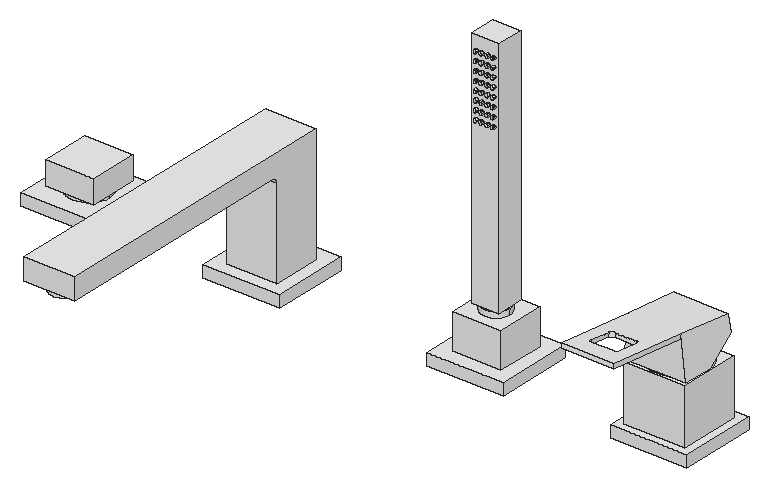
Revit family "Bath_Combination-Grohe-Eurocube-19897000", category Plumbing Fixtures, Revit 2014
Parameters (values of type "19897000")
  cUPC Compliant = yes
  Width = 19 3/4"
  Waste Connection = no
  Warranty Documentation Link = "https://cdn.cloud.grohe.com/tpi/1000/1900/1940/1949/1949006/original/1949006.pdf"
  WFU = 4
  Vent Connection = no
  URL = "https://www.grohe.us/"
  Tempered Water Connection Diameter = 1/2"
  Shipping Weight = 17.29 lbf
  Product Page URL = "https://www.grohe.us/en_us/grohe-eurocube-four-hole-single-lever-bath-combination-19897000.html"
  Price = "Prices may vary. Please consult Manufacturer Representative for most up-to-date price list."  # constant formula
  Model = "19897000"
  Material = "Metal-Grohe-000-Chrome"
  Manufacturer = "Grohe"
  Length = 8 11/16"  # constant formula
  Installation Type = "Deck-Mounted"
  Hot Water Connection Radius = 3/16"
  Hot Water Connection Diameter = 1/2"
  Height = 9 15/16"  # constant formula
  HWFU = 3
  HW Connection = yes
  Flow Rate = "6.9 gpm at 45 psi (26.1 L/min), 2.5 gpm (9.5 L/min) for Shower Hand"
  Finish = Metal-Grohe-000-Chrome
  Description = "Eurocube Four-hole Single-lever Bath Combination"
  Default Elevation = 0"
  Creation Date = "07/07/2017"  # constant formula
  Cold Water Connection Radius = 1/4"
  Cold Water Connection Diameter = Cold Water Connection Radius * 2  # 1/2"
  CalGreen Compliant = yes
  CWFU = 3
  CW Connection = yes
  Assembly Code = "D2020300"
Reference planes (in)
  plane 1 "Center (Front/Back)": y = 0
  plane 2: z = 0
  plane 3 "Center (Left/Right)": x = 0
  plane 4: x = -0.84646
  plane 5: x = 0.84646
  plane 6: z = 4.5625
  plane 7: z = 3.6875
  plane 8: y = -3.8125
  plane 9: through (0, -3.8125, 3.6875) normal (0, -0.9205, 0.3907)
  plane 10: y = -8.375
  plane 11: y = 1.28125
  plane 12: y = -1.28125
  plane 13: x = -6.11216
  plane 14: x = 7.5
  plane 15: x = 13.625
  plane 16: x = -7.39183
  plane 17: x = -4.83249
  plane 18: x = 12.34533
  plane 19: x = 14.90467
  plane 20: x = 7.03661
  plane 21: y = 0.45377
  plane 22: y = -0.45377
  plane 23: x = 7.96339
  plane 24: x = 12.57596
  plane 25: x = 14.67404
Forms (in)
  Extrusion 1, solid, material "Metal-Grohe-000-Chrome" <- "Finish"
    sketch origin (0, 0, 0) x (1, 0, 0) y (0, 1, 0)
      loop
        line (-7.39183, 1.28125) -> (-7.39183, -1.28125) -> (-4.83249, -1.28125) -> (-4.83249, 1.28125) -> (-7.39183, 1.28125)
      loop
        line (-1.28125, 1.28125) -> (-1.28125, -1.28125) -> (1.28125, -1.28125) -> (1.28125, 1.28125) -> (-1.28125, 1.28125)
      loop
        line (6.20913, 1.28125) -> (6.20913, -1.28125) -> (8.77163, -1.28125) -> (8.77163, 1.28125) -> (6.20913, 1.28125)
      loop
        line (12.34533, 1.28125) -> (12.34533, -1.28125) -> (14.90467, -1.28125) -> (14.90467, 1.28125) -> (12.34533, 1.28125)
    from 0 to 0.39423
  Extrusion 2, solid, material "Metal-Grohe-000-Chrome" <- "Finish"
    sketch origin (0, 0, -0.09375) x (0, 1, 0) y (0, 0, 1)
      loop
        line (0.78846, 0.2751) -> (0.78846, 4.39087) -> (-9.30385, 4.39087) -> (-9.30385, 3.6875) -> (-1.04487, 3.6875)
        arc (-1.04487, 3.6875) -> (-0.90457, 3.62939) -> (-0.84646, 3.48909) r 0.19841
        line (-0.84646, 3.48909) -> (-0.84646, 0.2751) -> (0.78846, 0.2751)
    from -0.84646 to 0.84646
  Revolve 3, solid, material "Metal-Grohe-000-Chrome" <- "Finish"
    sketch origin (0, 0, 0) x (1, 0, 0) y (0, 0, 1)
      loop
        line (-6.81034, 0.86682) -> (-6.81034, 0.16317) -> (-6.11216, 0.16317) -> (-6.11216, 0.86682) -> (-6.81034, 0.86682)
      axis (-6.11216, 0.16317) -> (-6.11216, 0.86682)
    angle from 0 to 360
  Extrusion 4, solid, material "Metal-Grohe-000-Chrome" <- "Finish"
    sketch origin (0, 0, 0) x (1, 0, 0) y (0, 1, 0)
      loop
        line (-6.92466, 0.81409) -> (-6.92466, -0.81409) -> (-5.29649, -0.81409) -> (-5.29649, 0.81409) -> (-6.92466, 0.81409)
    from 0.56769 to 1.35615
  Extrusion 5, solid, material "Metal-Grohe-000-Chrome" <- "Finish"
    sketch origin (0, 0, 0) x (1, 0, 0) y (0, 1, 0)
      loop
        line (6.68221, 0.80817) -> (6.68221, -0.80817) -> (8.29856, -0.80817) -> (8.29856, 0.80817) -> (6.68221, 0.80817)
    from 0 to 1.57365
  Revolve 6, solid, material "Metal-Grohe-000-Chrome" <- "Finish"
    sketch origin (0, 0, 0) x (1, 0, 0) y (0, 0, 1)
      loop
        line (7.02717, 1.33411) -> (7.49038, 1.33411) -> (7.49038, 1.83834) -> (7.0863, 1.83834) -> (7.0863, 1.75557) -> (7.02717, 1.75557) -> (7.02717, 1.33411)
      axis (7.49038, 1.83834) -> (7.49038, 1.33411)
    angle from 0 to 360
  Extrusion 7, solid, material "Metal-Grohe-000-Chrome" <- "Finish"
    sketch origin (0, 0, 0) x (1, 0, 0) y (0, 1, 0)
      loop
        line (7.96339, -0.45377) -> (7.96339, 0.45377) -> (7.03661, 0.45377) -> (7.03661, -0.45377) -> (7.96339, -0.45377)
    from 1.81543 to 9.88906
  Extrusion 8, solid, material "Metal-Grohe-000-Chrome" <- "Finish"
    sketch origin (0, 0, 0) x (1, 0, 0) y (0, 0, 1)
      loop
        circle (7.21314, 9.43387) r 0.05079
      loop
        circle (7.40067, 9.43387) r 0.05079
      loop
        circle (7.78686, 9.43387) r 0.05079
      loop
        circle (7.59933, 9.43387) r 0.05079
      loop
        circle (7.21314, 9.13823) r 0.05079
      loop
        circle (7.40067, 9.13823) r 0.05079
      loop
        circle (7.78686, 9.13823) r 0.05079
      loop
        circle (7.59933, 9.13823) r 0.05079
      loop
        circle (7.21314, 8.84256) r 0.05079
      loop
        circle (7.40067, 8.84256) r 0.05079
      loop
        circle (7.78686, 8.84256) r 0.05079
      loop
        circle (7.59933, 8.84256) r 0.05079
      loop
        circle (7.21314, 8.54417) r 0.05079
      loop
        circle (7.40067, 8.54417) r 0.05079
      loop
        circle (7.78686, 8.54417) r 0.05079
      loop
        circle (7.59933, 8.54417) r 0.05079
      loop
        circle (7.21314, 8.2485) r 0.05079
      loop
        circle (7.40067, 8.2485) r 0.05079
      loop
        circle (7.78686, 8.2485) r 0.05079
      loop
        circle (7.59933, 8.2485) r 0.05079
      loop
        circle (7.21314, 7.95554) r 0.05079
      loop
        circle (7.40067, 7.95554) r 0.05079
      loop
        circle (7.78686, 7.95554) r 0.05079
      loop
        circle (7.59933, 7.95554) r 0.05079
      loop
        circle (7.21314, 7.65785) r 0.05079
      loop
        circle (7.40067, 7.65785) r 0.05079
      loop
        circle (7.78686, 7.65785) r 0.05079
      loop
        circle (7.59933, 7.65785) r 0.05079
      loop
        circle (7.21314, 7.36148) r 0.05079
      loop
        circle (7.40067, 7.36148) r 0.05079
      loop
        circle (7.78686, 7.36148) r 0.05079
      loop
        circle (7.59933, 7.36148) r 0.05079
    from 0 to 0.52732
  Revolve 9, solid, material "Metal-Grohe-000-Chrome" <- "Finish"
    sketch origin (13.625, 0, 0) x (0, 1, 0) y (0, 0, 1)
      loop
        line (0, 2.95747) -> (0, 2.03618) -> (0.95677, 2.03618) -> (0.95677, 2.23923)
        arc (0.95677, 2.23923) -> (0.59818, 2.75793) -> (0, 2.95747) r 0.99638
      axis (0, 2.95747) -> (0, 2.03618)
    angle from 0 to 360
  Blend 10, solid, material "Metal-Grohe-000-Chrome" <- "Finish"
    base sketch origin (0, 0, 0) x (1, 0, 0) y (0, 1, 0)
      loop
        line (12.57596, -1.025) -> (14.67404, -1.025) -> (14.67404, 0.94198) -> (12.57596, 0.94198) -> (12.57596, -1.025)
    top sketch origin (0, 0, 0) x (1, 0, 0) y (0, 1, 0)
      loop
        line (12.81528, -1.025) -> (14.43472, -1.025) -> (14.43472, 0.88045) -> (12.81528, 0.88045) -> (12.81528, -1.025)
    from 2.34542 to 4.29712
  Extrusion 11, void
    sketch origin (0, 0, 0) x (0, 1, 0) y (0, 0, 1)
      loop
        line (-0.12271, 2.2927) -> (1.28125, 2.2927) -> (1.28125, 3.20444) -> (-0.12271, 2.2927)
    from 12.34533 to 14.85402
  Extrusion 12, solid, material "Metal-Grohe-000-Chrome" <- "Finish"
    sketch origin (0, -0.50543, -0.41773) x (1, 0, 0) y (0, 0.993138, -0.116946)
      loop
        line (12.75324, 0.88045) -> (12.75324, -3.8125) -> (14.49676, -3.8125) -> (14.49676, 0.88045) -> (12.75324, 0.88045)
      loop
        arc (13.26571, -2.23807) -> (13.18285, -2.27239) -> (13.14853, -2.35525) r 0.11718
        line (13.14853, -2.35525) -> (13.14853, -3.0843)
        arc (13.14853, -3.0843) -> (13.18285, -3.16717) -> (13.26572, -3.20149) r 0.11719
        line (13.26572, -3.20149) -> (13.98428, -3.20149)
        arc (13.98428, -3.20149) -> (14.06715, -3.16717) -> (14.10147, -3.0843) r 0.11719
        line (14.10147, -3.0843) -> (14.10147, -2.35525)
        arc (14.10147, -2.35525) -> (14.06715, -2.27239) -> (13.98429, -2.23807) r 0.11718
        line (13.98429, -2.23807) -> (13.26571, -2.23807)
    from 3.9464 to 4.08409
  Extrusion 13, void
    sketch origin (0, 0, 0) x (0, 1, 0) y (0, 0, 1)
      loop
        line (-1.12399, 3.76741) -> (0.999, 3.51742) -> (0.999, 4.40155) -> (-1.12399, 4.40155) -> (-1.12399, 3.76741)
    from 12.04707 to 15.53892
  Extrusion 14, solid, material "Metal-Grohe-000-Chrome" <- "Finish"
    sketch origin (0, 0, 0) x (1, 0, 0) y (0, 1, 0)
      loop
        circle (0, -8.67302) r 0.46513
    from 3.34726 to 4.08462
  Extrusion 15, solid, material "Metal-Grohe-000-Chrome" <- "Finish"
    sketch origin (0, 0, 0) x (1, 0, 0) y (0, 1, 0)
      loop
        line (12.57596, 1.025) -> (12.57596, -1.025) -> (14.6242, -1.025) -> (14.6242, 1.025) -> (12.57596, 1.025)
    from 0.18705 to 2.23923
  Extrusion 16, solid, material "Metal-Grohe-000-Chrome" <- "Finish"
    sketch origin (0, 0, 0) x (1, 0, 0) y (0, 1, 0)
      loop
        circle (13.20981, 0) r 0.25
      loop
        circle (14.04019, 0) r 0.25
    from 0 to 0.0625
Cuts and joins
  Extrusion 11, Extrusion 13 cuts Extrusion 1
  Extrusion 11, Extrusion 13 cuts Extrusion 2
  Extrusion 11, Extrusion 13 cuts Extrusion 7
  Extrusion 11, Extrusion 13 cuts Blend 10
  joined: Extrusion 1, Extrusion 2, Revolve 3, Extrusion 4, Extrusion 5, Revolve 6, Extrusion 7, Extrusion 8, Revolve 9, Blend 10, Extrusion 12, Extrusion 14, Extrusion 15, Extrusion 16
Lines and regions (in)
  Masking region 1
    outline origin (0, 0, 0) x (1, 0, 0) y (0, 1, 0)
      loop
        line (-7.39183, 1.28125) -> (-7.39183, -1.28125) -> (-4.83249, -1.28125) -> (-4.83249, 1.28125) -> (-7.39183, 1.28125)
      loop
        line (-1.28125, 1.28125) -> (-1.28125, -1.28125) -> (-0.84646, -1.28125) -> (-0.84646, -9.30385) -> (0.84646, -9.30385) -> (0.84646, -1.28125) -> (1.28125, -1.28125) -> (1.28125, 1.28125) -> (-1.28125, 1.28125)
      loop
        line (6.20913, 1.28125) -> (6.20913, -1.28125) -> (8.77163, -1.28125) -> (8.77163, 1.28125) -> (6.20913, 1.28125)
      loop
        line (12.34533, 1.28125) -> (12.34533, -1.28125) -> (12.75324, -1.28125) -> (12.75324, -3.83026) -> (14.50071, -3.83026) -> (14.50071, -1.28125) -> (14.90467, -1.28125) -> (14.90467, 1.28125) -> (12.34533, 1.28125)
  symbolic lines, detail levels medium+fine
    curve 1: line (-6.92466, 0.81409, 0) -> (-5.29649, 0.81409, 0)
    curve 2: line (-6.92466, -0.81409, 0) -> (-6.92466, 0.81409, 0)
    curve 3: line (-5.29649, -0.81409, 0) -> (-6.92466, -0.81409, 0)
    curve 4: line (-5.29649, 0.81409, 0) -> (-5.29649, -0.81409, 0)
    curve 5: line (-0.84646, -1.28125, 0) -> (-0.84646, 0.78846, 0)
    curve 6: line (-0.84646, 0.78846, 0) -> (0.84646, 0.78846, 0)
    curve 7: line (0.84646, 0.78846, 0) -> (0.84646, -1.28125, 0)
    curve 8: line (6.68221, 0.80817, 0) -> (8.29856, 0.80817, 0)
    curve 9: line (6.68221, -0.80817, 0) -> (6.68221, 0.80817, 0)
    curve 10: line (8.29856, -0.80817, 0) -> (6.68221, -0.80817, 0)
    curve 11: line (8.29856, 0.80817, 0) -> (8.29856, -0.80817, 0)
    curve 12: line (7.03661, -0.45377, 0) -> (7.03661, 0.45377, 0)
    curve 13: line (7.03661, 0.45377, 0) -> (7.96339, 0.45377, 0)
    curve 14: line (7.96339, 0.45377, 0) -> (7.96339, -0.45377, 0)
    curve 15: line (7.96339, -0.45377, 0) -> (7.83766, -0.45377, 0)
    curve 16: line (7.83766, -0.45377, 0) -> (7.83766, -0.52732, 0)
    curve 17: line (7.83766, -0.52732, 0) -> (7.73607, -0.52732, 0)
    curve 18: line (7.73607, -0.52732, 0) -> (7.73607, -0.45377, 0)
    curve 19: line (7.73607, -0.45377, 0) -> (7.65013, -0.45377, 0)
    curve 20: line (7.65013, -0.45377, 0) -> (7.65013, -0.52732, 0)
    curve 21: line (7.65013, -0.52732, 0) -> (7.54854, -0.52732, 0)
    curve 22: line (7.54854, -0.52732, 0) -> (7.54854, -0.45377, 0)
    curve 23: line (7.54854, -0.45377, 0) -> (7.45146, -0.45377, 0)
    curve 24: line (7.45146, -0.45377, 0) -> (7.45146, -0.52732, 0)
    curve 25: line (7.45146, -0.52732, 0) -> (7.34987, -0.52732, 0)
    curve 26: line (7.34987, -0.52732, 0) -> (7.34987, -0.45377, 0)
    curve 27: line (7.34987, -0.45377, 0) -> (7.26393, -0.45377, 0)
    curve 28: line (7.26393, -0.45377, 0) -> (7.26393, -0.52732, 0)
    curve 29: line (7.26393, -0.52732, 0) -> (7.16234, -0.52732, 0)
    curve 30: line (7.16234, -0.52732, 0) -> (7.16234, -0.45377, 0)
    curve 31: line (7.16234, -0.45377, 0) -> (7.03661, -0.45377, 0)
    curve 32: line (12.75324, -1.28125, 0) -> (12.75324, -1.025, 0)
    curve 33: line (12.75324, -1.025, 0) -> (12.57596, -1.025, 0)
    curve 34: line (12.57596, -1.025, 0) -> (12.57596, 1.025, 0)
    curve 35: line (12.57596, 1.025, 0) -> (14.67009, 1.025, 0)
    curve 36: line (14.67009, 1.025, 0) -> (14.67009, -1.025, 0)
    curve 37: line (14.67009, -1.025, 0) -> (14.49676, -1.025, 0)
    curve 38: line (14.49676, -1.28125, 0) -> (14.49676, -1.025, 0)
    curve 60: line (14.49676, -1.025, 0) -> (14.67009, -1.025, 0)
  symbolic lines, detail levels fine
    curve 39: line (13.14853, -3.10706, 0) -> (13.14853, -2.3669, 0)
    curve 40: line (13.97764, -2.26662, 0) -> (13.27236, -2.26662, 0)
    curve 41: line (14.10147, -2.3669, 0) -> (14.10147, -3.10706, 0)
    curve 42: line (13.98428, -3.20734, 0) -> (13.26572, -3.20734, 0)
    curve 43: line (13.26572, -3.22344, 0) -> (13.98428, -3.22344, 0)
    curve 44: line (13.26491, -2.25052, 0) -> (13.98509, -2.25052, 0)
    curve 45: arc (13.14853, -2.3669, 0) -> (13.19254, -2.29465, 0) -> (13.27236, -2.26662, 0) r 0.12577
    curve 46: arc (13.14853, -2.3669, 0) -> (13.18262, -2.28461, 0) -> (13.26491, -2.25052, 0) r 0.11638
    curve 47: arc (13.26572, -3.20734, 0) -> (13.1886, -3.17885, 0) -> (13.14853, -3.10706, 0) r 0.11861
    curve 48: arc (13.26572, -3.22344, 0) -> (13.18285, -3.18912, 0) -> (13.14853, -3.10625, 0) r 0.11719
    curve 49: arc (14.10147, -2.3669, 0) -> (14.05746, -2.29465, 0) -> (13.97764, -2.26662, 0) r 0.12577
    curve 50: arc (14.10147, -2.3669, 0) -> (14.06738, -2.28461, 0) -> (13.98509, -2.25052, 0) r 0.11638
    curve 51: arc (13.98428, -3.20734, 0) -> (14.0614, -3.17885, 0) -> (14.10147, -3.10706, 0) r 0.11861
    curve 52: arc (13.98428, -3.22344, 0) -> (14.06715, -3.18912, 0) -> (14.10147, -3.10625, 0) r 0.11719
    curve 53: line (12.72103, 0.90468, 0) -> (12.75324, -1.025, 0)
    curve 54: line (12.57596, -0.04151, 0) -> (12.65271, 0.92225, 0)
    curve 55: line (12.65271, 0.92225, 0) -> (12.72103, 0.90468, 0)
    curve 56: line (7.16234, -0.45377, 0) -> (7.26393, -0.45377, 0)
    curve 57: line (7.34987, -0.45377, 0) -> (7.45146, -0.45377, 0)
    curve 58: line (7.54854, -0.45377, 0) -> (7.65013, -0.45377, 0)
    curve 59: line (7.73607, -0.45377, 0) -> (7.83766, -0.45377, 0)
    curve 61: line (14.52897, 0.90468, 0) -> (14.49676, -1.025, 0)
    curve 62: line (14.67404, -0.04151, 0) -> (14.59729, 0.92225, 0)
    curve 63: line (14.59729, 0.92225, 0) -> (14.52897, 0.90468, 0)
    curve 64: line (12.72103, 0.90468, 0) -> (14.52897, 0.90468, 0)
    curve 65: line (12.65271, 0.92225, 0) -> (14.59729, 0.92225, 0)
Dimensions and locks (in)
  plane 6 to level = 4 9/16"
  locked: level to plane 7 at 3.6875
  plane 1 "Center (Front/Back)" to plane 10 = 8 3/8"
  plane 13 to plane 3 "Center (Left/Right)" = 6.11216"
  plane 3 "Center (Left/Right)" to plane 14 = 7 1/2"
  plane 14 to plane 15 = 6 1/8"
  equal spacing: Extrusion 12 sketch curve, plane 15, Extrusion 12 sketch curve
  "Hot Water Connection Diameter": diameter of Extrusion 16 sketch curve
  "Cold Water Connection Diameter": diameter of Extrusion 16 sketch curve
  locked: plane 8 to plane 9 (angle 23.00°)
Automatic sketch dimensions
  Extrusion 1 sketch curve to plane 12 = 0"
  Extrusion 1 sketch curve to plane 16 = 0"
  Extrusion 1 sketch curve to plane 17 = 0"
  Extrusion 1 sketch curve to plane 11 = 0"  (x4)
  plane 12 to Extrusion 1 sketch curve = 0"  (x3)
  Extrusion 1 sketch curve to plane 18 = 0"
  Extrusion 1 sketch curve to plane 19 = 0"
  plane 4 to Extrusion 1 sketch curve = 0.43479"
  plane 5 to Extrusion 1 sketch curve = 0.43479"
  Extrusion 1 sketch curve to plane 20 = 0.82748"
  Extrusion 1 sketch curve to plane 23 = 0.80825"
  Extrusion 2 sketch curve to plane 6 = 0.26538"
  plane 10 to Extrusion 2 sketch curve = 0.92885"
  plane 7 to Extrusion 2 sketch curve = 3/32"
  Extrusion 2 sketch curve to plane 12 = 0.23638"
  Extrusion 2 sketch curve to Extrusion 2 sketch curve = 0.19841"
  plane 21 to Extrusion 2 sketch curve = 0.33469"
  level to Extrusion 2 sketch curve = 0.18135"
  Revolve 3 sketch curve to plane 13 = 0"  (x2)
  plane 16 to Revolve 3 sketch curve = 0.58149"
  level to Revolve 3 sketch curve = 0.16317"
  Revolve 3 sketch curve to Revolve 3 sketch curve = 0.70365"
  Revolve 3 sketch curve to Revolve 3 sketch curve = 0"
  Revolve 3 sketch curve to Revolve 3 sketch curve = 0.27131"
  plane 16 to Extrusion 4 sketch curve = 0.46716"
  plane 17 to Extrusion 4 sketch curve = 0.464"
  plane 22 to Extrusion 4 sketch curve = 0.36031"
  plane 21 to Extrusion 4 sketch curve = 0.36031"
  Extrusion 5 sketch curve to plane 20 = 0.3544"
  Extrusion 5 sketch curve to plane 23 = 0.33517"
  plane 22 to Extrusion 5 sketch curve = 0.3544"
  plane 21 to Extrusion 5 sketch curve = 0.3544"
  Revolve 6 sketch curve to plane 20 = 0.00944"
  plane 20 to Revolve 6 sketch curve = 0.04969"
  Revolve 6 sketch curve to plane 14 = 0.00962"  (x2)
  level to Revolve 6 sketch curve = 1.33411"
  Revolve 6 sketch curve to Revolve 6 sketch curve = 0.42146"
  Revolve 6 sketch curve to Revolve 6 sketch curve = 0.08277"
  Revolve 6 sketch curve to Revolve 6 sketch curve = 0.14966"
  Revolve 6 sketch curve to Revolve 6 sketch curve = 0.15727"
  Extrusion 7 sketch curve to plane 20 = 0"
  Extrusion 7 sketch curve to plane 21 = 0"
  Extrusion 7 sketch curve to plane 23 = 0"
  Extrusion 7 sketch curve to plane 22 = 0"
  plane 20 to Extrusion 8 sketch curve = 0.17652"  (x8)
  Extrusion 8 sketch curve to plane 14 = 0.09933"  (x8)
  plane 14 to Extrusion 8 sketch curve = 0.09933"  (x8)
  plane 23 to Extrusion 8 sketch curve = 0.17652"  (x8)
  plane 6 to Extrusion 8 sketch curve = 2.79898"
  Extrusion 8 sketch curve to Extrusion 8 sketch curve = 0"  (x20)
  Extrusion 8 sketch curve to Extrusion 8 sketch curve = 0.29637"
  Extrusion 8 sketch curve to Extrusion 8 sketch curve = 0.29769"  (x2)
  Extrusion 8 sketch curve to Extrusion 8 sketch curve = 75/256"
  Extrusion 8 sketch curve to Extrusion 8 sketch curve = 0.29567"  (x3)
  Extrusion 8 sketch curve to Extrusion 8 sketch curve = 0.29839"  (x2)
  Extrusion 8 sketch curve to Extrusion 8 sketch curve = 0.29564"  (x2)
  Revolve 9 sketch curve to plane 1 "Center (Front/Back)" = 0"  (x2)
  Revolve 9 sketch curve to plane 11 = 0.32448"
  plane 7 to Revolve 9 sketch curve = 1.72641"
  Revolve 9 sketch curve to Revolve 9 sketch curve = 0.07509"
  Revolve 9 sketch curve to Revolve 9 sketch curve = 0.20306"
  Revolve 9 sketch curve to Revolve 9 sketch curve = 0.3433"
  Revolve 9 sketch curve to Revolve 9 sketch curve = 0.10726"
  Blend 10 sketch curve to plane 24 = 0"
  Blend 10 sketch curve to plane 25 = 0"
  Blend 10 sketch curve to plane 12 = 0.25625"  (x2)
  Blend 10 sketch curve to plane 11 = 0.33927"
  plane 18 to Blend 10 sketch curve = 0.46995"
  plane 19 to Blend 10 sketch curve = 0.46995"
  Blend 10 sketch curve to plane 11 = 0.4008"
  Extrusion 11 sketch curve to plane 11 = 0"
  plane 1 "Center (Front/Back)" to Extrusion 11 sketch curve = 0.12271"
  plane 7 to Extrusion 11 sketch curve = 1.3948"
  plane 7 to Extrusion 11 sketch curve = 0.48306"
  plane 18 to Extrusion 12 sketch curve = 0.40791"
  Extrusion 12 sketch curve to plane 15 = 0.47647"
  Extrusion 12 sketch curve to Extrusion 12 sketch curve = 15/128"  (x4)
  plane 19 to Extrusion 12 sketch curve = 0.40791"
  Extrusion 12 sketch curve to Extrusion 12 sketch curve = 0.61101"
  Extrusion 12 sketch curve to Extrusion 12 sketch curve = 0.72906"
  Extrusion 12 sketch curve to Extrusion 12 sketch curve = 3.11851"
  Extrusion 13 sketch curve to plane 12 = 0.15726"
  Extrusion 13 sketch curve to plane 11 = 0.28225"
  plane 7 to Extrusion 13 sketch curve = 0.17008"
  Extrusion 13 sketch curve to plane 7 = 0.07991"
  Extrusion 13 sketch curve to plane 6 = 0.16095"
  Extrusion 14 sketch curve to plane 3 "Center (Left/Right)" = 0"
  plane 10 to Extrusion 14 sketch curve = 0.29802"
  plane 18 to Extrusion 15 sketch curve = 0.23063"
  plane 19 to Extrusion 15 sketch curve = 0.28047"
  Extrusion 15 sketch curve to plane 12 = 0.25625"
  Extrusion 15 sketch curve to plane 11 = 0.25625"
  plane 1 "Center (Front/Back)" to Extrusion 16 sketch curve = 0"  (x2)
  Extrusion 16 sketch curve to plane 15 = 0.41519"
  plane 15 to Extrusion 16 sketch curve = 0.41519"
  Masking region 1 sketch curve to plane 12 = 0"
  Masking region 1 sketch curve to plane 16 = 0"
  Masking region 1 sketch curve to plane 17 = 0"
  Masking region 1 sketch curve to plane 11 = 0"  (x4)
  Masking region 1 sketch curve to plane 4 = 0"
  Masking region 1 sketch curve to plane 5 = 0"
  plane 12 to Masking region 1 sketch curve = 0"  (x5)
  Masking region 1 sketch curve to plane 18 = 0"
  Masking region 1 sketch curve to plane 19 = 0"
  plane 4 to Masking region 1 sketch curve = 0.43479"
  plane 5 to Masking region 1 sketch curve = 0.43479"
  Masking region 1 sketch curve to plane 20 = 0.82748"
  Masking region 1 sketch curve to plane 23 = 0.80825"
  Masking region 1 sketch curve to plane 8 = 0.01776"
  plane 18 to Masking region 1 sketch curve = 0.40791"
  plane 19 to Masking region 1 sketch curve = 0.40396"
  plane 10 to Masking region 1 sketch curve = 0.92885"
  curve 5 to plane 4 = 0"
  curve 6 to plane 5 = 0"
  curve 31 to plane 20 = 0"
  plane 22 to curve 30 = 0"
  curve 14 to plane 21 = 0"
  curve 14 to plane 23 = 0"
  plane 12 to curve 32 = 0"
  plane 12 to curve 38 = 0"
  plane 12 to curve 7 = 0"
  plane 12 to curve 5 = 0"
  plane 17 to curve 3 = 0.464"
  plane 16 to curve 2 = 0.46716"
  curve 8 to plane 20 = 0.3544"
  plane 20 to curve 30 = 0.12573"
  curve 30 to curve 27 = 13/128"
  curve 28 to curve 25 = 11/128"
  curve 57 to plane 14 = 0.04854"
  plane 14 to curve 22 = 0.04854"
  curve 22 to curve 20 = 13/128"
  curve 19 to curve 19 = 11/128"
  curve 18 to curve 59 = 13/128"
  curve 11 to plane 23 = 0.33517"
  plane 18 to curve 34 = 0.23063"
  curve 34 to curve 55 = 0.07674"
  curve 54 to curve 55 = 0.06833"
  curve 33 to curve 32 = 0.17728"
  curve 39 to plane 15 = 0.47647"
  curve 45 to curve 44 = 0.11638"
  curve 48 to curve 47 = 15/128"
  curve 48 to curve 47 = 0"
  curve 46 to curve 45 = 0.00678"
  curve 44 to curve 40 = 0.00745"
  plane 15 to curve 40 = 0.35264"
  curve 49 to curve 49 = 0.00067"
  plane 15 to curve 42 = 0.35928"
  curve 52 to curve 51 = 0"
  curve 40 to curve 44 = 0.00745"
  curve 52 to curve 41 = 15/128"
  plane 19 to curve 37 = 0.40791"
  plane 19 to curve 63 = 0.3757"
  curve 61 to curve 63 = 0.06833"
  curve 37 to curve 60 = 0.17333"
  plane 12 to curve 44 = 0.96927"
  curve 40 to curve 44 = 0.0161"
  curve 51 to curve 49 = 0.69633"
  curve 47 to curve 45 = 0.69633"
  curve 52 to curve 51 = 0.01753"
  curve 48 to curve 47 = 0.01753"
  curve 39 to curve 48 = 0.0008"
  curve 53 to plane 12 = 0.25625"
  curve 61 to plane 12 = 0.25625"
  plane 22 to curve 3 = 0.36031"
  plane 22 to curve 10 = 0.3544"
  plane 22 to curve 29 = 0.07355"
  plane 22 to curve 26 = 0.07355"
  plane 22 to curve 16 = 0.07355"
  plane 22 to curve 20 = 0.07355"
  plane 21 to curve 6 = 0.33469"
  plane 21 to curve 11 = 0.3544"
  plane 21 to curve 4 = 0.36031"
  curve 55 to plane 11 = 0.37657"
  curve 53 to curve 54 = 0.01757"
  curve 54 to curve 35 = 0.10275"
  plane 1 "Center (Front/Back)" to curve 62 = 0.04151"
  plane 19 to curve 62 = 0.23063"
  plane 1 "Center (Front/Back)" to curve 54 = 0.04151"
  radius of Extrusion 8 sketch curve = 13/256"  (x32)
  radius of Extrusion 14 sketch curve = 0.46513"
Connectors (in)
  piping at (0, 0, 0), diameter 0.5, driven by "Tempered Water Connection Diameter"
    settings: on cut or joined group 1 (Extrusion 1, Extrusion 2, Revolve 3, Extrusion 4, Extrusion 5, Revolve 6, Extrusion 7, Extrusion 8, Revolve 9, Blend 10, Extrusion 11, Extrusion 12, Extrusion 13, Extrusion 14, Extrusion 15, Extrusion 16), index 2, connector inside diameter 24", connector length 0", flow factor 0, pipe flow 0 GPM, pressure drop 0.00 psi, fitting loss kfactor 0, connector angle 0.00°, fixture units 0, engagement length 0", angle of deflection 0.00°, flow configuration 0, flow direction 1, fitting loss method 0, system type 29, joint type 0, gender type 0, connector reference index -1, connector utility 0, adjustable connector no, is connector primary yes, connector description "1/2\" NPT Supply Inlet"
  piping at (7.49038, 0, 0), diameter 0.5, driven by "Tempered Water Connection Diameter"
    settings: on cut or joined group 1, index 3, connector inside diameter 24", connector length 0", flow factor 0, pipe flow 0 GPM, pressure drop 0.00 psi, fitting loss kfactor 0, connector angle 0.00°, fixture units 0, engagement length 0", angle of deflection 0.00°, flow configuration 0, flow direction 1, fitting loss method 0, system type 29, joint type 0, gender type 0, connector reference index -1, connector utility 0, adjustable connector no, is connector primary no, connector description "1/2\" NPT Supply Inlet"
  piping at (13.20981, 0, 0), diameter 0.5, driven by "Hot Water Connection Diameter", driven by "HWFU"
    settings: on Extrusion 16, index 4, connector inside diameter 24", connector length 0", flow factor 0, pipe flow 0 GPM, pressure drop 0.00 psi, fitting loss kfactor 0, connector angle 0.00°, fixture units 3, engagement length 0", angle of deflection 0.00°, flow configuration 3, flow direction 1, fitting loss method 0, system type 19, joint type 0, gender type 0, connector reference index -1, connector utility 0, adjustable connector no, is connector primary no, connector description "1/2\" NPT HW Inlet"
  piping at (14.04019, 0, 0), diameter 0.5, driven by "Cold Water Connection Diameter", driven by "CWFU"
    settings: on Extrusion 16, index 5, connector inside diameter 24", connector length 0", flow factor 0, pipe flow 0 GPM, pressure drop 0.00 psi, fitting loss kfactor 0, connector angle 0.00°, fixture units 3, engagement length 0", angle of deflection 0.00°, flow configuration 3, flow direction 1, fitting loss method 0, system type 20, joint type 0, gender type 0, connector reference index -1, connector utility 0, adjustable connector no, is connector primary no, connector description "1/2\" NPT CW Inlet"
